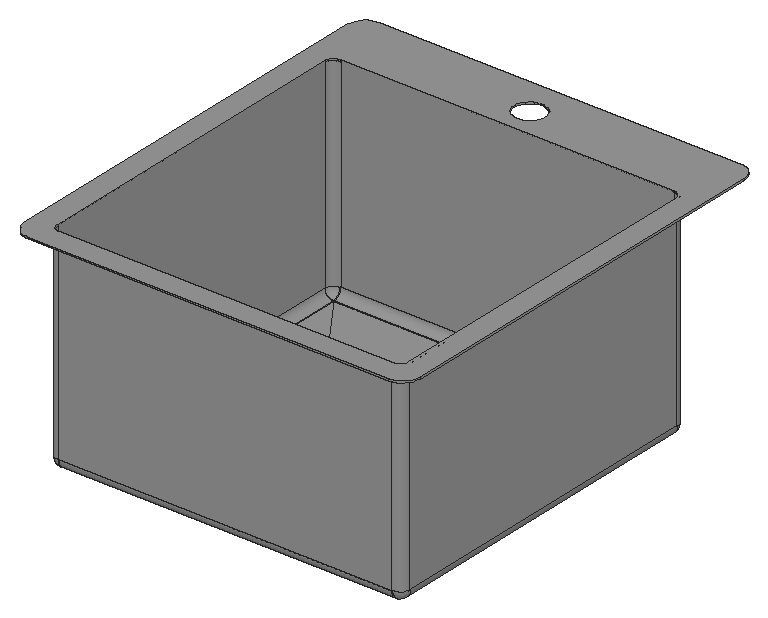
Revit family "BUILDMAT-SNGDTL002-Kayla-450-Tap-Landing-Brass-Gold", category Plumbing Fixtures, host Face, Revit 2026
Family settings
  Host = Face
  Round Connector Dimension = Use Diameter
  Part Type = Normal
  Enable Cutting in Views = No
  Cut with Voids When Loaded = No
  Maintain Annotation Orientation = No
  Shared = No
  Room Calculation Point = No
Parameters (values of type "Kayla 450x500x250mm Brushed Brass Gold")
  Width = 400.0 mm
  Undermount [instance] = 0.0 mm
  URL = "https://www.buildmat.com.au/products/kayla-450-single-bowl-tap-landing-sink"
  Model = "TLAN002"  # constant formula
  Manufacturer URL = "https://www.buildmat.com.au/"
  Manufacturer = "BUILDMAT"  # constant formula
  Length = 400.0 mm
  Description = "BUILDMAT - Kayla 450x500 Single Bowl with Tap Landing Sink"  # constant formula
  Depth = 250.0 mm
  Default Elevation = 1219.2 mm
  Created By URL = "https://www.buildmat.com.au/"
  Created By = "BUILDMAT"  # constant formula
  Created = "22.06.2022"  # constant formula
  Material = BUILDMAT Brass Gold
Reference planes
  plane 1 "Center (Front/Back)": y = 0
  plane 2: z = 0
  plane 3 "Center (Left/Right)": x = 0
  plane 4 "Top Substrate": z = 0
  plane 5 "Left": x = -200
  plane 6 "Right": x = 200
  plane 7 "Back": y = 200
  plane 8 "Front": y = -200
  plane 9: x = -225
  plane 10: x = 225
  plane 11: y = -225
  plane 12: y = 275
  plane 13 "Bottom Void": z = -250
  plane 14: z = 1.5
  plane 15: x = -201.5
  plane 16: y = -201.5
  plane 17: x = 201.5
  plane 18: y = 201.5
  plane 19: z = -240
  plane 20: z = -230
  plane 21: x = -190
  plane 22: x = 190
  plane 23: y = -190
  plane 24: y = 190
  plane 25: z = -245
  plane 26: z = -241.5
  plane 27: z = -246.5
  plane 28: x = -100
  plane 29: x = 100
  plane 30 "Sound Pad": z = -130
  plane 31 "Front Bracket": y = -100
  plane 32 "Back Bracket": y = 100
  plane 33: x = -100
  plane 34: x = 100
  plane 35: x = -57
  plane 36: x = 57
  plane 37: x = -45
  plane 38: x = 45
  plane 39: y = 232
  plane 40: y = 251.5
  plane 41: x = -213.2
  plane 42: z = -15
  plane 43: x = 213.2
  plane 44: x = -211.7
  plane 45: x = 211.7
Forms (mm)
  Extrusion 1, void
    sketch origin (0, 0, 0) x (1, 0, 0) y (0, 1, 0)
      loop
        arc (-190, 200) -> (-197.071, 197.071) -> (-200, 190) r 10
        line (-200, 190) -> (-200, -190)
        arc (-200, -190) -> (-197.071, -197.071) -> (-190, -200) r 10
        line (-190, -200) -> (190, -200)
        arc (190, -200) -> (197.071, -197.071) -> (200, -190) r 10
        line (200, -190) -> (200, 190)
        arc (200, 190) -> (197.071, 197.071) -> (190, 200) r 10
        line (190, 200) -> (-190, 200)
    from 0 to 1.5
  Extrusion 2, void
    sketch origin (0, 0, 0) x (1, 0, 0) y (0, 1, 0)
      loop
        line (-201.5, 201.5) -> (-201.5, -201.5) -> (201.5, -201.5) -> (201.5, 201.5) -> (-201.5, 201.5)
    from 0 to -250
  Extrusion 3, void
    sketch origin (0, 0, 0) x (1, 0, 0) y (0, 1, 0)
      loop
        arc (-205, 275) -> (-219.142, 269.142) -> (-225, 255) r 20
        line (-225, 255) -> (-225, -205)
        arc (-225, -205) -> (-219.142, -219.142) -> (-205, -225) r 20
        line (-205, -225) -> (205, -225)
        arc (205, -225) -> (219.142, -219.142) -> (225, -205) r 20
        line (225, -205) -> (225, 255)
        arc (225, 255) -> (219.142, 269.142) -> (205, 275) r 20
        line (205, 275) -> (-205, 275)
    from 1.5 to 0
  Extrusion 4, solid, material "BUILDMAT Brass Gold" <- "Material"
    sketch origin (0, 0, 0) x (-1, 0, 0) y (0, -1, 0)
      loop
        arc (205, -275) -> (219.142, -269.142) -> (225, -255) r 20
        line (225, -255) -> (225, 205)
        arc (225, 205) -> (219.142, 219.142) -> (205, 225) r 20
        line (205, 225) -> (-205, 225)
        arc (-205, 225) -> (-219.142, 219.142) -> (-225, 205) r 20
        line (-225, 205) -> (-225, -255)
        arc (-225, -255) -> (-219.142, -269.142) -> (-205, -275) r 20
        line (-205, -275) -> (205, -275)
      loop
        arc (190, -200) -> (197.071, -197.071) -> (200, -190) r 10
        line (200, -190) -> (200, 190)
        arc (200, 190) -> (197.071, 197.071) -> (190, 200) r 10
        line (190, 200) -> (-190, 200)
        arc (-190, 200) -> (-197.071, 197.071) -> (-200, 190) r 10
        line (-200, 190) -> (-200, -190)
        arc (-200, -190) -> (-197.071, -197.071) -> (-190, -200) r 10
        line (-190, -200) -> (190, -200)
    from 0 to 1.5
  Extrusion 5, solid, material "BUILDMAT Brass Gold" <- "Material"
    sketch origin (0, 0, 0) x (-1, 0, 0) y (0, -1, 0)
      loop
        arc (190, -201.5) -> (198.132, -198.132) -> (201.5, -190) r 11.5
        line (201.5, -190) -> (201.5, 190)
        arc (201.5, 190) -> (198.132, 198.132) -> (190, 201.5) r 11.5
        line (190, 201.5) -> (-190, 201.5)
        arc (-190, 201.5) -> (-198.132, 198.132) -> (-201.5, 190) r 11.5
        line (-201.5, 190) -> (-201.5, -190)
        arc (-201.5, -190) -> (-198.132, -198.132) -> (-190, -201.5) r 11.5
        line (-190, -201.5) -> (190, -201.5)
      loop
        arc (-190, 200) -> (-197.071, 197.071) -> (-200, 190) r 10
        line (-200, 190) -> (-200, -190)
        arc (-200, -190) -> (-197.071, -197.071) -> (-190, -200) r 10
        line (-190, -200) -> (190, -200)
        arc (190, -200) -> (197.071, -197.071) -> (200, -190) r 10
        line (200, -190) -> (200, 190)
        arc (200, 190) -> (197.071, 197.071) -> (190, 200) r 10
        line (190, 200) -> (-190, 200)
    from 0 to -230
  Revolve 6, solid, material "BUILDMAT Brass Gold" <- "Material"
    sketch origin (-175.162, 190, 1219.2) x (-1, 0, 0) y (0, 0, 1)
      loop
        line (-375.162, -1449.2) -> (-376.662, -1449.2)
        arc (-376.662, -1449.2) -> (-373.293, -1457.332) -> (-365.162, -1460.7) r 11.5
        line (-365.162, -1460.7) -> (-365.162, -1459.2)
        arc (-365.162, -1459.2) -> (-372.233, -1456.271) -> (-375.162, -1449.2) r 10
      axis (-365.162, -1460.7) -> (-365.162, -1449.2)
    angle from 0 to -90
  Revolve 7, solid, material "BUILDMAT Brass Gold" <- "Material"
    sketch origin (-175.162, 190, 1219.2) x (-1, 0, 0) y (0, 0, 1)
      loop
        arc (24.838, -1449.2) -> (21.909, -1456.271) -> (14.838, -1459.2) r 10
        line (14.838, -1459.2) -> (14.838, -1460.7)
        arc (14.838, -1460.7) -> (22.97, -1457.332) -> (26.338, -1449.2) r 11.5
        line (26.338, -1449.2) -> (24.838, -1449.2)
      axis (14.838, -1449.2) -> (14.838, -1460.7)
    angle from 0 to -90
  Revolve 8, solid, material "BUILDMAT Brass Gold" <- "Material"
    sketch origin (-175.162, -190, 1219.2) x (-1, 0, 0) y (0, 0, 1)
      loop
        arc (24.838, -1449.2) -> (21.909, -1456.271) -> (14.838, -1459.2) r 10
        line (14.838, -1459.2) -> (14.838, -1460.7)
        arc (14.838, -1460.7) -> (22.97, -1457.332) -> (26.338, -1449.2) r 11.5
        line (26.338, -1449.2) -> (24.838, -1449.2)
      axis (14.838, -1449.2) -> (14.838, -1460.7)
    angle from 0 to 90
  Revolve 9, solid, material "BUILDMAT Brass Gold" <- "Material"
    sketch origin (-175.162, -190, 1219.2) x (-1, 0, 0) y (0, 0, 1)
      loop
        line (-375.162, -1449.2) -> (-376.662, -1449.2)
        arc (-376.662, -1449.2) -> (-373.293, -1457.332) -> (-365.162, -1460.7) r 11.5
        line (-365.162, -1460.7) -> (-365.162, -1459.2)
        arc (-365.162, -1459.2) -> (-372.233, -1456.271) -> (-375.162, -1449.2) r 10
      axis (-365.162, -1449.2) -> (-365.162, -1460.7)
    angle from 0 to 90
  Extrusion 10, solid, material "BUILDMAT Brass Gold" <- "Material"
    sketch origin (0, 0, 0) x (1, 0, 0) y (0, 0, 1)
      loop
        line (-200, -230) -> (-201.5, -230)
        arc (-201.5, -230) -> (-198.132, -238.132) -> (-190, -241.5) r 11.5
        line (-190, -241.5) -> (-190, -240)
        arc (-190, -240) -> (-197.071, -237.071) -> (-200, -230) r 10
    from -190 to 190
  Extrusion 11, solid, material "BUILDMAT Brass Gold" <- "Material"
    sketch origin (0, 0, 0) x (1, 0, 0) y (0, 0, 1)
      loop
        arc (200, -230) -> (197.071, -237.071) -> (190, -240) r 10
        line (190, -240) -> (190, -241.5)
        arc (190, -241.5) -> (198.132, -238.132) -> (201.5, -230) r 11.5
        line (201.5, -230) -> (200, -230)
    from -190 to 190
  Extrusion 12, solid, material "BUILDMAT Brass Gold" <- "Material"
    sketch origin (0, 0, 0) x (0, 1, 0) y (0, 0, 1)
      loop
        arc (200, -230) -> (197.071, -237.071) -> (190, -240) r 10
        line (190, -240) -> (190, -241.5)
        arc (190, -241.5) -> (198.132, -238.132) -> (201.5, -230) r 11.5
        line (201.5, -230) -> (200, -230)
    from -190 to 190
  Extrusion 13, solid, material "BUILDMAT Brass Gold" <- "Material"
    sketch origin (0, 0, 0) x (0, 1, 0) y (0, 0, 1)
      loop
        line (-200, -230) -> (-201.5, -230)
        arc (-201.5, -230) -> (-198.132, -238.132) -> (-190, -241.5) r 11.5
        line (-190, -241.5) -> (-190, -240)
        arc (-190, -240) -> (-197.071, -237.071) -> (-200, -230) r 10
    from -190 to 190
  Revolve 14, solid, material "BUILDMAT Brass Gold" <- "Material"
    sketch origin (0, 0, 0) x (1, 0, 0) y (0, 0, 1)
      loop
        line (-45, -250) -> (-45, -248.5)
        spline (-45, -248.5) -> (-46.484, -248.459) -> (-47.939, -248.339) -> (-49.337, -248.141) -> (-50.649, -247.871) -> (-51.848, -247.537) -> (-52.908, -247.151) -> (-53.805, -246.726) -> (-54.514, -246.283) -> (-55.023, -245.856) -> (-55.329, -245.483) -> (-55.468, -245.202) -> (-55.5, -245)
        line (-55.5, -245) -> (-57, -245)
        spline (-57, -245) -> (-56.897, -245.653) -> (-56.591, -246.294) -> (-56.087, -246.913) -> (-55.392, -247.5) -> (-54.52, -248.044) -> (-53.485, -248.536) -> (-52.305, -248.967) -> (-51, -249.33) -> (-49.592, -249.619) -> (-48.106, -249.83) -> (-46.566, -249.957) -> (-45, -250)
      axis (0, -245) -> (0, -250)
    angle from 0 to 360
  Blend 15, solid, material "BUILDMAT Brass Gold" <- "Material"
    base sketch origin (0, 0, 0) x (-1, 0, 0) y (0, -1, 0)
      loop
        circle (0, 0) r 57
    top sketch origin (0, 0, 0) x (-1, 0, 0) y (0, -1, 0)
      loop
        line (190, -190) -> (190, 190) -> (-190, 190) -> (-190, -190) -> (190, -190)
    from -246.5 to -241.5
  Blend 16, void
    base sketch origin (0, 0, 0) x (-1, 0, 0) y (0, -1, 0)
      loop
        circle (0, 0) r 57
    top sketch origin (0, 0, 0) x (-1, 0, 0) y (0, -1, 0)
      loop
        line (190, -190) -> (190, 190) -> (-190, 190) -> (-190, -190) -> (190, -190)
    from -245 to -240
  Extrusion 17, solid, material "BUILDMAT Brass Gold" <- "Material"
    sketch origin (0, 0, 0) x (-1, 0, 0) y (0, -1, 0)
      loop
        line (190, -190) -> (190, 190) -> (-190, 190) -> (-190, -190) -> (190, -190)
    from -241.5 to -240
  Extrusion 18, void
    sketch origin (0, 0, 0) x (-1, 0, 0) y (0, -1, 0)
      loop
        circle (0, 0) r 57
    from -250 to -230
  Extrusion 19, void
    sketch origin (0, 0, 0) x (-1, 0, 0) y (0, -1, 0)
      loop
        circle (0, -232) r 17.5
    from 0 to 100
Cuts and joins
  Extrusion 19 cuts Extrusion 4
  Extrusion 19 cuts Extrusion 5
  joined: Extrusion 4, Extrusion 5
  joined: Revolve 6, Revolve 9
  joined: Revolve 7, Revolve 8
  Blend 16, Extrusion 18 cuts Blend 15
  Blend 16, Extrusion 18 cuts Extrusion 17
  joined: Blend 15, Extrusion 17
Lines and regions (mm)
  Masking region 1
    outline origin (0, 0, 0) x (1, 0, 0) y (0, 0, 1)
      loop
        line (200, 0) -> (-200, 0) -> (-200, -230)
        arc (-200, -230) -> (-197.071, -237.071) -> (-190, -240) r 10
        line (-190, -240) -> (-57, -245) -> (57, -245) -> (190, -240)
        arc (190, -240) -> (197.071, -237.071) -> (200, -230) r 10
        line (200, -230) -> (200, 0)
  Masking region 2
    outline origin (0, 0, 0) x (1, 0, 0) y (0, 0, 1)
      loop
        line (-100, -244.883) -> (-100, -250) -> (-57, -250) -> (-57, -246.5) -> (-100, -244.883)
  Masking region 3
    outline origin (0, 0, 0) x (1, 0, 0) y (0, 0, 1)
      loop
        line (57, -246.5) -> (57, -250) -> (100, -250) -> (100, -244.883) -> (57, -246.5)
  Masking region 4
    outline origin (0, 0, 0) x (1, 0, 0) y (0, 0, 1)
      loop
        line (-213.2, 0) -> (-213.2, -15) -> (-211.7, -15) -> (-211.7, 0) -> (-213.2, 0)
  Masking region 5
    outline origin (0, 0, 0) x (1, 0, 0) y (0, 0, 1)
      loop
        line (211.7, 0) -> (211.7, -15) -> (213.2, -15) -> (213.2, 0) -> (211.7, 0)
Text (mm)
  text "Refer to www.buildmat.com.au for the most current product literature. \nAllow a +/- 5mm tolerance for dimensions shown in the product literature. \nPlease note product details are subject to change due to ongoing product development." at (0.056, -1035.857, 0), in view "Ref. Level"
Dimensions and locks
  "Undermount": plane 2 to plane 4 "Top Substrate"
  equal spacing: plane 5 "Left", plane 3 "Center (Left/Right)", plane 6 "Right"
  "Width": plane 5 "Left" to plane 6 "Right"
  "Length": plane 7 "Back" to plane 8 "Front"
  equal spacing: plane 7 "Back", plane 1 "Center (Front/Back)", plane 8 "Front"
  locked: plane 12 to plane 7 "Back" at 75
  locked: plane 8 "Front" to plane 11 at 25
  locked: plane 9 to plane 5 "Left" at 25
  locked: plane 6 "Right" to plane 10 at 25
  "Depth": plane 4 "Top Substrate" to plane 13 "Bottom Void"
  locked: plane 14 to plane 4 "Top Substrate" at 1.5
  locked: plane 18 to plane 7 "Back" at 1.5
  locked: plane 8 "Front" to plane 16 at 1.5
  plane 15 to plane 5 "Left" = 1.5 mm
  plane 6 "Right" to plane 17 = 1.5 mm
  plane 20 to plane 19 to plane 13 "Bottom Void" = 10.0 mm, 10.0 mm
  locked: plane 5 "Left" to plane 21 at 10
  locked: plane 22 to plane 6 "Right" at 10
  locked: plane 7 "Back" to plane 24 at 10
  locked: plane 23 to plane 8 "Front" at 10
  locked: plane 19 to plane 26 at 1.5
  locked: plane 25 to plane 13 "Bottom Void" at 5
  locked: plane 25 to plane 27 at 1.5
  plane 29 to plane 3 "Center (Left/Right)" to plane 28 = 100.0 mm locked, 100.0 mm locked
  locked: plane 30 "Sound Pad" to plane 13 "Bottom Void" at 120
  locked: plane 7 "Back" to plane 32 "Back Bracket" at 100
  locked: plane 31 "Front Bracket" to plane 8 "Front" at 100
  locked: plane 33 to plane 5 "Left" at 100
  locked: plane 6 "Right" to plane 34 at 100
  plane 37 to plane 3 "Center (Left/Right)" to plane 38 = 45.0 mm locked, 45.0 mm locked
  plane 35 to plane 3 "Center (Left/Right)" to plane 36 = 57.0 mm locked, 57.0 mm locked
  locked: plane 12 to plane 39 at 43
  locked: plane 40 to plane 18 at 50
  plane 44 to plane 41 to plane 9 = 1.5 mm locked, 11.8 mm locked
  plane 10 to plane 43 to plane 45 = 11.8 mm locked, 1.5 mm locked
  locked: plane 4 "Top Substrate" to plane 42 at 15
  aligned and locked: plane 2 to host face
  aligned and locked: level to host face
  aligned and locked: plane 8 "Front" to Extrusion 1 sketch curve
  aligned and locked: Extrusion 1 sketch curve to plane 7 "Back"
  aligned and locked: plane 5 "Left" to Extrusion 1 sketch curve
  aligned and locked: Extrusion 1 sketch curve to plane 6 "Right"
  aligned and locked: plane 2 to Extrusion 1
  aligned and locked: Extrusion 1 to plane 14
  aligned and locked: Extrusion 2 sketch curve to plane 16
  aligned and locked: Extrusion 2 sketch curve to plane 18
  aligned and locked: plane 15 to Extrusion 2 sketch curve
  aligned and locked: plane 17 to Extrusion 2 sketch curve
  aligned and locked: Extrusion 2 to plane 13 "Bottom Void"
  aligned and locked: plane 4 "Top Substrate" to Extrusion 2
  aligned and locked: plane 11 to Extrusion 3 sketch curve
  aligned and locked: plane 9 to Extrusion 3 sketch curve
  aligned and locked: Extrusion 3 sketch curve to plane 10
  aligned and locked: Extrusion 3 sketch curve to plane 12
  aligned and locked: Extrusion 3 to plane 4 "Top Substrate"
  aligned and locked: Extrusion 3 to plane 14
  aligned and locked: plane 11 to Extrusion 4 sketch curve
  aligned and locked: Extrusion 4 sketch curve to plane 12
  aligned and locked: plane 9 to Extrusion 4 sketch curve
  aligned and locked: Extrusion 4 sketch curve to plane 10
  aligned and locked: plane 5 "Left" to Extrusion 4 sketch curve
  aligned and locked: Extrusion 4 sketch curve to plane 6 "Right"
  aligned and locked: Extrusion 4 sketch curve to plane 7 "Back"
  aligned and locked: plane 8 "Front" to Extrusion 4 sketch curve
  aligned and locked: Extrusion 5 sketch curve to plane 7 "Back"
  aligned and locked: plane 5 "Left" to Extrusion 5 sketch curve
  aligned and locked: Extrusion 5 sketch curve to plane 6 "Right"
  aligned and locked: plane 8 "Front" to Extrusion 5 sketch curve
  aligned and locked: plane 15 to Extrusion 5 sketch curve
  aligned and locked: Extrusion 5 sketch curve to plane 16
  aligned and locked: plane 17 to Extrusion 5 sketch curve
  aligned and locked: Extrusion 5 sketch curve to plane 18
  aligned and locked: Extrusion 5 to plane 20
  aligned and locked: plane 4 "Top Substrate" to Extrusion 5
  aligned and locked: Extrusion 11 to plane 23
  aligned and locked: plane 24 to Extrusion 11
  aligned and locked: plane 24 to Extrusion 10
  aligned and locked: Extrusion 10 to plane 23
  aligned and locked: Extrusion 13 to plane 21
  aligned and locked: plane 22 to Extrusion 13
  aligned and locked: plane 22 to Extrusion 12
  aligned and locked: Extrusion 12 to plane 21
  aligned and locked: plane 21 to Blend 15 sketch curve
  aligned and locked: Blend 15 sketch curve to plane 22
  aligned and locked: Blend 15 sketch curve to plane 23
  aligned and locked: Blend 15 sketch curve to plane 24
  aligned and locked: plane 27 to Blend 15
  aligned and locked: Blend 15 to plane 26
  aligned and locked: Blend 16 sketch curve to plane 24
  aligned and locked: plane 21 to Blend 16 sketch curve
  aligned and locked: Blend 16 sketch curve to plane 22
  aligned and locked: Blend 16 sketch curve to plane 23
  aligned and locked: Blend 16 to plane 25
  aligned and locked: plane 19 to Blend 16
  aligned and locked: Extrusion 17 sketch curve to plane 24
  aligned and locked: Extrusion 17 sketch curve to plane 23
  aligned and locked: plane 21 to Extrusion 17 sketch curve
  aligned and locked: Extrusion 17 sketch curve to plane 22
  aligned and locked: Extrusion 17 to plane 26
  aligned and locked: plane 19 to Extrusion 17
  aligned and locked: Extrusion 18 to plane 13 "Bottom Void"
  aligned and locked: plane 20 to Extrusion 18
  aligned and locked: cut or joined group of Blend 15, Blend 16, Extrusion 17, Extrusion 18 to Masking region 2 sketch curve
  aligned and locked: Masking region 3 sketch curve to cut or joined group of Blend 15, Blend 16, Extrusion 17, Extrusion 18
  aligned and locked: plane 3 "Center (Left/Right)" to nested 1
  aligned and locked: nested 1 to plane 30 "Sound Pad"
  aligned and locked: plane 31 "Front Bracket" to nested 3
  aligned and locked: plane 15 to nested 3
  aligned and locked: plane 31 "Front Bracket" to nested 5
  aligned and locked: plane 17 to nested 5
  aligned and locked: plane 32 "Back Bracket" to nested 4
  aligned and locked: plane 17 to nested 4
  aligned and locked: plane 32 "Back Bracket" to nested 2
  aligned and locked: plane 15 to nested 2
  aligned and locked: nested 6 to plane 4 "Top Substrate"
  aligned and locked: nested 6 to plane 33
  aligned and locked: nested 7 to plane 4 "Top Substrate"
  aligned and locked: nested 7 to plane 34
  aligned and locked: nested 10 to plane 33
  aligned and locked: nested 11 to plane 34
  aligned and locked: plane 16 to nested 10
  aligned and locked: plane 16 to nested 11
  aligned and locked: plane 33 to nested 8
  aligned and locked: plane 34 to nested 9
  aligned and locked: nested 12 to plane 23
  aligned and locked: nested 12 to plane 24
  aligned and locked: plane 22 to nested 12
  aligned and locked: plane 21 to nested 12
  aligned and locked: plane 3 "Center (Left/Right)" to nested 13
  aligned and locked: plane 1 "Center (Front/Back)" to nested 13
  aligned and locked: plane 4 "Top Substrate" to Masking region 1
  aligned and locked: nested 9 to plane 40
  aligned and locked: nested 8 to plane 40
  aligned and locked: Extrusion 19 to plane 4 "Top Substrate"
  aligned and locked: Masking region 4 sketch curve to plane 4 "Top Substrate"
  aligned and locked: Masking region 4 sketch curve to plane 42
  aligned and locked: Masking region 4 sketch curve to plane 41
  aligned and locked: Masking region 4 sketch curve to plane 44
  aligned and locked: Masking region 5 sketch curve to plane 4 "Top Substrate"
  aligned and locked: Masking region 5 sketch curve to plane 42
  aligned and locked: Masking region 5 sketch curve to plane 43
  aligned and locked: Masking region 5 sketch curve to plane 45
Automatic sketch dimensions
  host sketch curve to host sketch curve = 2438.4 mm  (x2)
  plane 5 "Left" to Extrusion 1 sketch curve = 10.0 mm  (x2)
  Extrusion 1 sketch curve to plane 6 "Right" = 10.0 mm  (x2)
  Extrusion 4 sketch curve to plane 10 = 20.0 mm  (x2)
  Extrusion 4 sketch curve to Extrusion 4 sketch curve = 10.0 mm  (x2)
  plane 5 "Left" to Extrusion 4 sketch curve = 10.0 mm
  plane 9 to Extrusion 4 sketch curve = 20.0 mm
  plane 8 "Front" to Extrusion 4 sketch curve = 10.0 mm
  plane 11 to Extrusion 4 sketch curve = 20.0 mm
  Extrusion 3 sketch curve to plane 5 "Left" = 5.0 mm
  plane 6 "Right" to Extrusion 3 sketch curve = 5.0 mm  (x2)
  plane 7 "Back" to Extrusion 3 sketch curve = 55.0 mm
  plane 5 "Left" to Extrusion 5 sketch curve = 10.0 mm
  Extrusion 5 sketch curve to plane 6 "Right" = 10.0 mm
  plane 8 "Front" to Extrusion 5 sketch curve = 10.0 mm
  Extrusion 5 sketch curve to plane 7 "Back" = 10.0 mm
  Extrusion 5 sketch curve to Extrusion 5 sketch curve = 0.0 mm  (x4)
  Revolve 6 sketch curve to Revolve 6 sketch curve = 0.0 mm  (x3)
  plane 17 to Revolve 6 sketch curve = 0.0 mm
  Revolve 6 sketch curve to plane 6 "Right" = 0.0 mm
  Revolve 6 sketch curve to plane 22 = 0.0 mm  (x2)
  Revolve 6 sketch curve to plane 19 = 0.0 mm
  Revolve 6 sketch curve to plane 20 = 0.0 mm
  Revolve 7 sketch curve to Revolve 7 sketch curve = 0.0 mm  (x3)
  Revolve 7 sketch curve to plane 20 = 0.0 mm  (x2)
  Revolve 7 sketch curve to plane 21 = 0.0 mm  (x2)
  Revolve 7 sketch curve to plane 5 "Left" = 0.0 mm
  Revolve 7 sketch curve to plane 15 = 0.0 mm
  Revolve 8 sketch curve to Revolve 8 sketch curve = 0.0 mm  (x3)
  Revolve 8 sketch curve to plane 20 = 0.0 mm  (x2)
  Revolve 8 sketch curve to plane 21 = 0.0 mm  (x2)
  Revolve 8 sketch curve to plane 5 "Left" = 0.0 mm
  Revolve 8 sketch curve to plane 15 = 0.0 mm
  Revolve 9 sketch curve to Revolve 9 sketch curve = 0.0 mm  (x3)
  plane 17 to Revolve 9 sketch curve = 0.0 mm
  Revolve 9 sketch curve to plane 6 "Right" = 0.0 mm
  Revolve 9 sketch curve to plane 22 = 0.0 mm  (x2)
  Revolve 9 sketch curve to plane 20 = 0.0 mm
  Revolve 9 sketch curve to plane 19 = 0.0 mm
  Extrusion 10 sketch curve to plane 15 = 0.0 mm
  Extrusion 10 sketch curve to plane 5 "Left" = 0.0 mm
  Extrusion 10 sketch curve to plane 19 = 0.0 mm
  Extrusion 10 sketch curve to plane 21 = 0.0 mm
  Extrusion 11 sketch curve to plane 20 = 0.0 mm
  Extrusion 11 sketch curve to plane 22 = 0.0 mm
  Extrusion 11 sketch curve to plane 6 "Right" = 0.0 mm
  plane 17 to Extrusion 11 sketch curve = 0.0 mm
  Extrusion 12 sketch curve to plane 20 = 0.0 mm
  Extrusion 12 sketch curve to plane 24 = 0.0 mm
  Extrusion 12 sketch curve to plane 7 "Back" = 0.0 mm
  Extrusion 12 sketch curve to plane 18 = 0.0 mm
  Extrusion 13 sketch curve to plane 16 = 0.0 mm
  Extrusion 13 sketch curve to plane 8 "Front" = 0.0 mm
  Extrusion 13 sketch curve to plane 23 = 0.0 mm
  Extrusion 13 sketch curve to plane 19 = 0.0 mm
  Revolve 14 sketch curve to plane 25 = 0.0 mm
  Revolve 14 sketch curve to plane 13 "Bottom Void" = 0.0 mm  (x2)
  Revolve 14 sketch curve to plane 3 "Center (Left/Right)" = 0.0 mm
  Revolve 14 sketch curve to plane 20 = 0.0 mm
  Revolve 14 sketch curve to plane 3 "Center (Left/Right)" = 45.0 mm
  Revolve 14 sketch curve to Revolve 14 sketch curve = 10.5 mm
  Revolve 14 sketch curve to Revolve 14 sketch curve = 1.5 mm  (x2)
  Revolve 14 sketch curve to Revolve 14 sketch curve = 0.0 mm
  plane 1 "Center (Front/Back)" to Blend 15 sketch curve = 0.0 mm
  Blend 15 sketch curve to plane 3 "Center (Left/Right)" = 0.0 mm
  plane 1 "Center (Front/Back)" to Blend 16 sketch curve = 0.0 mm
  Blend 16 sketch curve to plane 3 "Center (Left/Right)" = 0.0 mm
  plane 1 "Center (Front/Back)" to Extrusion 18 sketch curve = 0.0 mm
  Extrusion 18 sketch curve to plane 3 "Center (Left/Right)" = 0.0 mm
  Masking region 1 sketch curve to level = 0.0 mm
  Masking region 1 sketch curve to plane 20 = 0.0 mm
  Masking region 1 sketch curve to plane 21 = 0.0 mm
  Masking region 1 sketch curve to plane 25 = 0.0 mm
  Masking region 1 sketch curve to plane 3 "Center (Left/Right)" = 57.0 mm
  plane 3 "Center (Left/Right)" to Masking region 1 sketch curve = 57.0 mm
  Masking region 1 sketch curve to plane 19 = 0.0 mm
  Masking region 1 sketch curve to plane 22 = 0.0 mm
  Masking region 1 sketch curve to plane 6 "Right" = 0.0 mm
  Masking region 1 sketch curve to plane 5 "Left" = 0.0 mm
  Masking region 2 sketch curve to plane 28 = 0.0 mm
  Masking region 2 sketch curve to plane 13 "Bottom Void" = 0.0 mm
  Masking region 2 sketch curve to plane 27 = 0.0 mm
  Masking region 3 sketch curve to plane 27 = 0.0 mm
  Masking region 3 sketch curve to plane 13 "Bottom Void" = 0.0 mm
  Masking region 3 sketch curve to plane 29 = 0.0 mm
  Extrusion 19 sketch curve to plane 3 "Center (Left/Right)" = 0.0 mm
  Extrusion 19 sketch curve to plane 39 = 0.0 mm
  radius of Blend 15 sketch curve = 57.0 mm
  radius of Blend 16 sketch curve = 57.0 mm
  radius of Extrusion 18 sketch curve = 57.0 mm
  radius of Extrusion 19 sketch curve = 17.5 mm
Nested families
  nested 1: "SP_Front" at (0, 0, -130) x (1, 0, 0) z (0, -1, 0), type "SP_Front", not visible
  nested 2: "TMB_Plan" at (-201.5, 100, 0) x (0, 1, 0) z (0, 0, 1), type "TMB_Plan"
  nested 3: "TMB_Plan" at (-201.5, -100, 0) x (0, 1, 0) z (0, 0, 1), type "TMB_Plan"
  nested 4: "TMB_Plan" at (201.5, 100, 0) x (0, -1, 0) z (0, 0, 1), type "TMB_Plan"
  nested 5: "TMB_Plan" at (201.5, -100, 0) x (0, -1, 0) z (0, 0, 1), type "TMB_Plan"
  nested 6: "TMB_Front" at (-100, 0, 0) x (1, 0, 0) z (0, -1, 0), type "TMB_Front"
  nested 7: "TMB_Front" at (100, 0, 0) x (1, 0, 0) z (0, -1, 0), type "TMB_Front"
  nested 8: "TMB_Plan" at (-100, 251.5, 0), type "TMB_Plan"
  nested 9: "TMB_Plan" at (100, 251.5, 0), type "TMB_Plan"
  nested 10: "TMB_Plan" at (-100, -201.5, 0) x (-1, 0, 0) z (0, 0, 1), type "TMB_Plan"
  nested 11: "TMB_Plan" at (100, -201.5, 0) x (-1, 0, 0) z (0, 0, 1), type "TMB_Plan"
  nested 12: "BOWL Plan" at (0, 0, -130), type "BOWL Plan"
    with Width 380.0 mm, Lenght 380.0 mm
  nested 13: "DRAIN" at (0, 0, 0), type "DRAIN"
Definition of nested family "SP_Front"
  Reference planes
    plane 1 "Center (Elevation)": y = 0
    plane 2: z = 0
    plane 3 "Center (Left/Right)": x = 0
  Lines and regions (mm)
    Masking region 1, in view "Ref. Level"
      outline origin (0, 0, 0) x (1, 0, 0) y (0, 1, 0)
        loop
          arc (-50, 40) -> (-57.071, 37.071) -> (-60, 30) r 10
          line (-60, 30) -> (-60, -30)
          arc (-60, -30) -> (-57.071, -37.071) -> (-50, -40) r 10
          line (-50, -40) -> (50, -40)
          arc (50, -40) -> (57.071, -37.071) -> (60, -30) r 10
          line (60, -30) -> (60, 30)
          arc (60, 30) -> (57.071, 37.071) -> (50, 40) r 10
          line (50, 40) -> (-50, 40)
    detail lines, in view "Ref. Level"
      curve 1: line (-50, 40, 0) -> (50, 40, 0)
      curve 2: line (50, -40, 0) -> (-50, -40, 0)
      curve 3: line (60, 30, 0) -> (60, -30, 0)
      curve 4: line (-60, 30, 0) -> (-60, -30, 0)
      curve 5: arc (-50, 40, 0) -> (-57.071, 37.071, 0) -> (-60, 30, 0) r 10
      curve 6: arc (-60, -30, 0) -> (-57.071, -37.071, 0) -> (-50, -40, 0) r 10
      curve 7: arc (50, -40, 0) -> (57.071, -37.071, 0) -> (60, -30, 0) r 10
      curve 8: arc (60, 30, 0) -> (57.071, 37.071, 0) -> (50, 40, 0) r 10
  Dimensions and locks
    aligned and locked: Masking region 1 sketch curve to curve 1
    aligned and locked: Masking region 1 sketch curve to curve 4
    aligned and locked: Masking region 1 sketch curve to curve 2
    aligned and locked: Masking region 1 sketch curve to curve 3
Definition of nested family "TMB_Plan"
  Reference planes
    plane 1 "Center (Front/Back)": y = 0
    plane 2: z = 0
    plane 3 "Center (Left/Right)": x = 0
  Lines and regions (mm)
    detail lines, in view "Ref. Level"
      curve 1: line (-17.5, 0, 0) -> (17.5, 0, 0)
      curve 2: line (17.5, 0, 0) -> (17.5, 5, 0)
      curve 3: line (17.5, 5, 0) -> (12.5, 5, 0)
      curve 4: line (-17.5, 0, 0) -> (-17.5, 5, 0)
      curve 5: line (-17.5, 5, 0) -> (-12.5, 5, 0)
Definition of nested family "TMB_Front"
  Reference planes
    plane 1 "Center (Elevation)": y = 0
    plane 2: z = 0
    plane 3 "Center (Left/Right)": x = 0
  Lines and regions (mm)
    Masking region 1, in view "Ref. Level"
      outline origin (0, 0, 0) x (1, 0, 0) y (0, 1, 0)
        loop
          line (-17.5, 0) -> (-17.5, -80) -> (17.5, -80) -> (17.5, 0) -> (-17.5, 0)
    detail lines, in view "Ref. Level"
      curve 1: line (-17.5, 0, 0) -> (-17.5, -80, 0)
      curve 2: line (-17.5, -80, 0) -> (17.5, -80, 0)
      curve 3: line (17.5, -80, 0) -> (17.5, 0, 0)
      curve 4: line (-12.5, -50, 0) -> (12.5, -50, 0)
      curve 5: line (-12.5, -75, 0) -> (-12.5, -50, 0)
      curve 6: line (12.5, -75, 0) -> (-12.5, -75, 0)
      curve 7: line (12.5, -50, 0) -> (12.5, -75, 0)
Definition of nested family "BOWL Plan"
  Parameters (values of type "BOWL Plan")
    Width [instance] = 600.0 mm
    Lenght [instance] = 400.0 mm
  Reference planes
    plane 1 "Center (Front/Back)": y = 0
    plane 2: z = 0
    plane 3 "Center (Left/Right)": x = 0
    plane 4 "Left": x = -300
    plane 5 "Right": x = 300
    plane 6 "Back": y = 200
    plane 7 "Front": y = -200
  Lines and regions (mm)
    Masking region 1, in view "Ref. Level"
      outline origin (0, 0, 0) x (1, 0, 0) y (0, 1, 0)
        loop
          line (-300, 200) -> (-300, -200) -> (300, -200) -> (300, 200) -> (-300, 200)
    detail lines, in view "Ref. Level"
      curve 1: line (-300, 200, 0) -> (300, -200, 0)
      curve 2: line (-300, -200, 0) -> (300, 200, 0)
  Dimensions and locks
    equal spacing: plane 6 "Back", plane 1 "Center (Front/Back)", plane 7 "Front"
    "Lenght": plane 6 "Back" to plane 7 "Front"
    equal spacing: plane 4 "Left", plane 3 "Center (Left/Right)", plane 5 "Right"
    "Width": plane 4 "Left" to plane 5 "Right"
    aligned and locked: plane 4 "Left" to Masking region 1 sketch curve
    aligned and locked: Masking region 1 sketch curve to plane 5 "Right"
    aligned and locked: plane 7 "Front" to Masking region 1 sketch curve
    aligned and locked: Masking region 1 sketch curve to plane 6 "Back"
  Automatic sketch dimensions
    curve 2 to plane 4 "Left" = 0.0 mm
    curve 1 to plane 4 "Left" = 0.0 mm
    curve 2 to plane 5 "Right" = 0.0 mm
    curve 1 to plane 5 "Right" = 0.0 mm
    curve 1 to plane 7 "Front" = 0.0 mm
    curve 2 to plane 7 "Front" = 0.0 mm
    curve 2 to plane 6 "Back" = 0.0 mm
    curve 1 to plane 6 "Back" = 0.0 mm
Definition of nested family "DRAIN"
  Reference planes
    plane 1 "Center (Front/Back)": y = 0
    plane 2: z = 0
    plane 3 "Center (Left/Right)": x = 0
  Lines and regions (mm)
    Masking region 1, in view "Ref. Level"
      outline origin (0, 0, 0) x (1, 0, 0) y (0, 1, 0)
        loop
          circle (0, 0) r 57
    detail lines, in view "Ref. Level"
      curve 1: circle (0, 0, 0) r 45 normal (0, 0, 1)
      curve 2: circle (0, 0, 0) r 55.5 normal (0, 0, 1)
